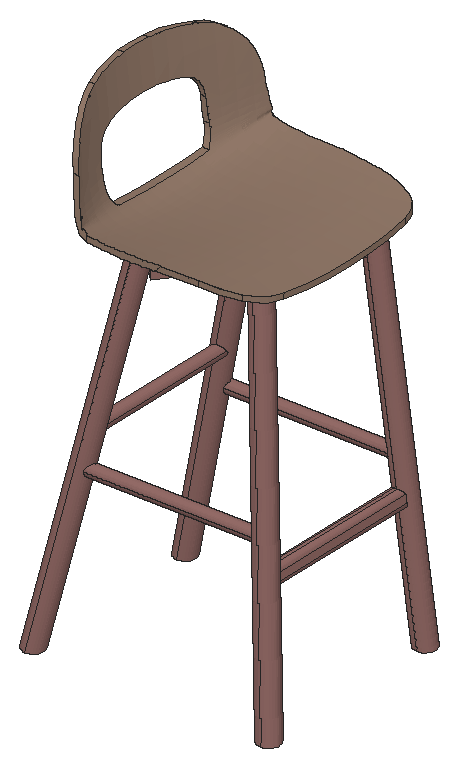
Revit family "Furniture_Chair_RIBBON 3.1 WCO", category Furniture, Revit 2020
Family settings
  OmniClass Number = 23.21.23.15.17
  Work Plane-Based = Yes
  Always vertical = No
  Cut with Voids When Loaded = No
  Shared = No
  Room Calculation Point = No
Parameters (values of type "RIBBON 3.1 WCO")
  Youtube clip = ""
  Uniformat II Description = "Movable Furnishings"
  Uniformat II Code = ""
  Uniclass 2015 Name = ""
  Uniclass 2015 Code = ""
  Uniclass 2.0 Description = ""
  Uniclass 2.0 Code = ""
  Uniclass 1.4 Description = ""
  Uniclass 1.4 Code = ""
  UNSPSC Code = ""
  Technical description = ""
  Shell Material = Wood - Stain - Intense Walnut
  Frame Material = Wood - Stain - Light Mahogany
  Region South America = "All"
  Region Oceania = "All"
  Region North America = "All"
  Region Middle East = "All"
  Region Europe = "All"
  Region Asia = "All"
  Region Antarctica = "All"
  Region Africa = "All"
  QR code = "https://www.sandlerseating.com/product/ribbon-3-1-wco/"
  Product url = "https://www.sandlerseating.com/product/ribbon-3-1-wco/"
  Product name = "RIBBON 3.1 WCO"
  Product group = "Chair"
  Product family = "Furniture"
  Product data url = "https://www.sandlerseating.com/product/ribbon-3-1-wco/"
  Product certification = ""
  Product SKU = "??"
  Product Guid = "??"
  OmniClass Description = ""
  OmniClass Code = "23-21 23 15 17"
  NBS Reference Description = ""
  NBS Reference Code = ""
  Model = "RIBBON 3.1 WCO"
  Masterformat 2014 Description = "Chair Mats"
  Masterformat 2014 Code = "12 48 43.13"
  Manufacturer name = "Sandler"
  Manufacturer country = "USA"
  Manufacturer = "Sandler"
  Installation instructions = ""
  IFC Classification = "Furnishing Element"
  GTIN code = ""
  Edition number = 1
  Design country = "Brasil"
  Description = "Chair"
  Default Elevation = 0.000 mm
  Date of publishing = ""
  COBIe Type Category = ""
  Brand url = "https://www.sandlerseating.com/"
  BIMobject main category code = "furniture"
  BIMobject main category = "Furniture"
  BIMobject category code = "furniture-chair"
  BIMobject category = "Chair"
Reference planes
  plane 1 "Center Front/Back": y = 0
  plane 2: z = 0
  plane 3 "Center Left/Right": x = 0
Dimensions and locks
  aligned and locked: level to plane 2
Nested families
  nested 1: "BS04 - RIBBON" at (0, 0, 0) x (0, 1, 0) z (0, 0, 1), Frame Material <- "Frame Material", type "BS04 - RIBBON"
    with Seat Material none, Frame Material Wood - Stain - Light Mahogany
  nested 2: "TP03 - RIBBON" at (0, 0, 0) x (0, 1, 0) z (0, 0, 1), Seat Material <- "Shell Material", Shell Material <- "Shell Material", type "TP03 - RIBBON"
    with Shell Material Wood - Stain - Intense Walnut, Seat Material Wood - Stain - Intense Walnut, Frame Material none
Definition of nested family "BS04 - RIBBON"
  Parameters (values of type "BS04 - RIBBON")
    Width = 450.000 mm
    Seat Material [instance] = none
    Height = 770.000 mm
    Frame Material [instance] = none
    Depth = 560.000 mm
    Default Elevation = 0.000 mm
  Reference planes
    plane 1 "Center (Front/Back)": y = 0
    plane 2: z = 0
    plane 3 "Center (Left/Right)": x = 0
    plane 4: z = 0
  Forms (mm)
    Extrusion 1, solid, material <- "Frame Material"
      sketch origin (0, 0, 238.7) x (-1, 0, 0) y (0, -1, 0)
        loop
          line (131.85, 111.928) -> (115.59, 131.305) -> (0, 34.313) -> (-116.725, 130.073) -> (-131.652, 112.283) -> (-19.671, 18.321) -> (-135.473, -78.849) -> (-119.19, -95.132) -> (0, 1.386) -> (117.646, -95.349) -> (135.822, -77.173) -> (19.993, 18.068) -> (131.85, 111.928)
      from 429.094 to 489.013
    Blend 2, solid, material <- "Frame Material"
      base sketch origin (0, 0, 238.7) x (-1, 0, 0) y (0, -1, 0)
        loop
          circle (130.582, 126.956) r 20
      top sketch origin (0, 0, 238.7) x (-1, 0, 0) y (0, -1, 0)
        loop
          circle (184.236, 184.943) r 20
      from 495.43 to -238.7
    Blend 3, solid, material <- "Frame Material"
      base sketch origin (0, 0, 238.7) x (-1, 0, 0) y (0, -1, 0)
        loop
          circle (132.255, -92.247) r 20
      top sketch origin (0, 0, 238.7) x (-1, 0, 0) y (0, -1, 0)
        loop
          circle (179.066, -263.174) r 20
      from 495.43 to -238.7
    Blend 4, solid, material <- "Frame Material"
      base sketch origin (0, 0, 238.7) x (1, 0, 0) y (0, 1, 0)
        loop
          circle (130.582, -126.956) r 20
      top sketch origin (0, 0, 238.7) x (1, 0, 0) y (0, 1, 0)
        loop
          circle (184.236, -184.943) r 20
      from 495.43 to -238.7
    Blend 5, solid, material <- "Frame Material"
      base sketch origin (0, 0, 238.7) x (1, 0, 0) y (0, 1, 0)
        loop
          circle (132.255, 92.247) r 20
      top sketch origin (0, 0, 238.7) x (1, 0, 0) y (0, 1, 0)
        loop
          circle (179.066, 263.174) r 20
      from 495.43 to -238.7
    Extrusion 6, solid, material <- "Frame Material"
      sketch origin (0, 0, 0) x (1, 0, 0) y (0, 0, 1)
        loop
          circle (-161.806, 325.764) r 12
        loop
          circle (161.806, 325.764) r 12
      from -175.18 to 143.72
    Extrusion 7, solid, material <- "Frame Material"
      sketch origin (0, 0, 0) x (0, 1, 0) y (0, 0, 1)
        loop
          circle (166.95, 396.374) r 12
      from -148.249 to 143.98
    Extrusion 8, solid, material <- "Frame Material"
      sketch origin (0, 0, 0) x (0, 1, 0) y (0, 0, 1)
        loop
          arc (-149.892, 266.238) -> (-151.825, 272.37) -> (-157.528, 275.338) r 8.4
          line (-157.528, 275.338) -> (-165.297, 276.018)
          arc (-165.297, 276.018) -> (-172.596, 273.716) -> (-176.13, 266.928) r 10
          line (-176.13, 266.928) -> (-177.383, 252.607)
          arc (-177.383, 252.607) -> (-175.345, 246.143) -> (-169.334, 243.014) r 8.855
          line (-169.334, 243.014) -> (-162.018, 242.374)
          arc (-162.018, 242.374) -> (-154.718, 244.675) -> (-151.184, 251.464) r 10
          line (-151.184, 251.464) -> (-149.892, 266.238)
      from -152.617 to 153.238
  Dimensions and locks
    aligned and locked: level to plane 2
Definition of nested family "TP03 - RIBBON"
  Parameters (values of type "TP03 - RIBBON")
    Width = 450.000 mm
    Shell Material [instance] = none
    Seat Material [instance] = none
    Height = 770.000 mm
    Frame Material [instance] = none
    Depth = 560.000 mm
    Default Elevation = 0.000 mm
  Reference planes
    plane 1 "Center (Front/Back)": y = 0
    plane 2: z = 0
    plane 3 "Center (Left/Right)": x = 0
    plane 4: y = 280
    plane 5: y = -280
    plane 6: x = 225
    plane 7: x = -225
    plane 8: z = 770
    plane 9: z = 500
    plane 10: z = 0
    plane 11: x = 195
    plane 12: x = -195
  Forms (mm)
    SweptBlend 1, solid, material <- "Shell Material"
      path origin (0, 0, 338.75) x (0, 1, 0) y (0, 0, 1)
        loop
          spline (236.993, 770) -> (215.446, 619.786) -> (203.96, 521.866) -> (196.056, 461.013) -> (185.765, 422.995) -> (170.436, 400.026) -> (148.517, 387.169) -> (116.673, 381.645) -> (71.41, 381.644) -> (17.125, 384.689) -> (-37.49, 387.866) -> (-99.973, 388.064) -> (-194.089, 381.979)
      profile origin (0, 236.993, 1108.75) x (0, 0.987688, -0.156434) y (1, 0, 0)
        loop
          arc (-54.452, -225) -> (5.039, 1.061) -> (-61.996, 225) r 431.806
          line (-61.996, 225) -> (-73.893, 225)
          arc (-73.893, 225) -> (-4.963, 1.126) -> (-66.1, -225) r 421.806
          line (-66.1, -225) -> (-54.452, -225)
      end profile origin (0, -194.089, 720.729) x (0, 0.087156, -0.996195) y (1, 0, 0)
        loop
          arc (-15.62, -225) -> (-4.868, -5) -> (-15.62, 215) r 2256.083
          line (-15.62, 215) -> (-25.572, 214.025)
          arc (-25.572, 214.025) -> (-14.868, -5) -> (-25.572, -224.025) r 2246.083
          line (-25.572, -224.025) -> (-15.62, -225)
    Extrusion 2, void
      sketch origin (-5, 0, 346.25) x (1, 0, 0) y (0, 0, 1)
        loop
          arc (-84.779, 527.741) -> (-110.902, 512.187) -> (-121.172, 483.571) r 45
          line (-121.172, 483.571) -> (-121.172, 441.557)
          arc (-121.172, 441.557) -> (-116.72, 422.68) -> (-105.633, 406.767) r 51.762
          arc (-105.633, 406.767) -> (1.867, 398.259) -> (109.367, 406.767) r 683.394
          arc (109.367, 406.767) -> (120.466, 422.677) -> (124.922, 441.557) r 51.719
          line (124.922, 441.557) -> (124.922, 483.722)
          arc (124.922, 483.722) -> (114.624, 512.371) -> (88.444, 527.908) r 45
          arc (88.444, 527.908) -> (1.824, 536.142) -> (-84.779, 527.741) r 455.076
      from -242.315 to -152.272
    Extrusion 3, void
      sketch origin (-5, 0, 338.75) x (1, 0, 0) y (0, 0, 1)
        loop
          line (-220.722, 407.454) -> (-207.76, 513.027)
          arc (-207.76, 513.027) -> (-177.799, 577.36) -> (-115.779, 611.857) r 115
          arc (-115.779, 611.857) -> (-72.704, 618.765) -> (-29.251, 622.652) r 625.068
          line (-29.251, 622.652) -> (30.439, 622.652)
          arc (30.439, 622.652) -> (77.898, 618.561) -> (124.908, 610.867) r 625.068
          arc (124.908, 610.867) -> (186.455, 576.245) -> (216.166, 512.182) r 115
          line (216.166, 512.182) -> (229.025, 407.454) -> (255.9, 407.454) -> (255.9, 797.454) -> (-274.025, 797.454) -> (-274.025, 407.454) -> (-220.722, 407.454)
      from -249.753 to -125.437
    Extrusion 4, void
      sketch origin (-5, 0, 577.45) x (-1, 0, 0) y (0, -1, 0)
        loop
          line (221.377, -19.587) -> (236.377, -19.587) -> (236.377, 210.413) -> (-243.252, 210.413) -> (-243.252, -19.587) -> (-223.252, -19.587)
          arc (-223.252, -19.587) -> (-219.795, 30.1) -> (-215.386, 79.712) r 2595.964
          arc (-215.386, 79.712) -> (-209.021, 113.709) -> (-196.875, 146.094) r 199.356
          arc (-196.875, 146.094) -> (-175.337, 171.52) -> (-144.077, 183.063) r 65.516
          arc (-144.077, 183.063) -> (-0.937, 192.462) -> (142.202, 183.063) r 1094.67
          arc (142.202, 183.063) -> (173.462, 171.52) -> (195, 146.094) r 65.516
          arc (195, 146.094) -> (207.146, 113.709) -> (213.511, 79.712) r 199.356
          arc (213.511, 79.712) -> (217.92, 30.1) -> (221.377, -19.587) r 2595.964
      from 119.126 to 201.3
  Cuts and joins
    Extrusion 2, Extrusion 3, Extrusion 4 cuts SweptBlend 1
  Dimensions and locks
    equal spacing: plane 7, plane 3 "Center (Left/Right)", plane 6
    "Width": plane 7 to plane 6
    equal spacing: plane 5, plane 1 "Center (Front/Back)", plane 4
    "Depth": plane 5 to plane 4
    "Height": plane 8 to level
    locked: plane 11 to plane 6 at 30
    locked: plane 7 to plane 12 at 30
    aligned and locked: level to plane 2
  Automatic sketch dimensions
    SweptBlend 1 sketch curve to SweptBlend 1 sketch curve = 0.000 mm  (x4)
    SweptBlend 1 sketch curve to plane 3 "Center (Left/Right)" = 6.177 mm
    profile plane to SweptBlend 1 sketch curve = 73.893 mm
    SweptBlend 1 sketch curve to SweptBlend 1 sketch curve = 11.897 mm
    plane 3 "Center (Left/Right)" to SweptBlend 1 sketch curve = 225.000 mm
    profile plane to SweptBlend 1 sketch curve = 66.100 mm
    SweptBlend 1 sketch curve to SweptBlend 1 sketch curve = 11.648 mm
    SweptBlend 1 sketch curve to plane 3 "Center (Left/Right)" = 5.000 mm
    profile plane to SweptBlend 1 sketch curve = 2260.951 mm
    profile plane to SweptBlend 1 sketch curve = 25.572 mm  (x2)
    SweptBlend 1 sketch curve to SweptBlend 1 sketch curve = 9.952 mm  (x2)
    plane 3 "Center (Left/Right)" to SweptBlend 1 sketch curve = 214.025 mm
    SweptBlend 1 sketch curve to SweptBlend 1 sketch curve = 0.975 mm
    plane 8 to SweptBlend 1 sketch curve = 338.750 mm
    SweptBlend 1 sketch curve to plane 5 = 85.911 mm
    plane 4 to SweptBlend 1 sketch curve = 43.007 mm
    plane 9 to SweptBlend 1 sketch curve = 220.729 mm
    Extrusion 4 sketch curve to plane 12 = 5.000 mm  (x2)
    plane 12 to Extrusion 4 sketch curve = 54.116 mm
    Extrusion 4 sketch curve to plane 3 "Center (Left/Right)" = 20.116 mm
    Extrusion 4 sketch curve to plane 3 "Center (Left/Right)" = 4.063 mm
    plane 3 "Center (Left/Right)" to Extrusion 4 sketch curve = 11.991 mm
    Extrusion 4 sketch curve to plane 11 = 62.241 mm
    Extrusion 4 sketch curve to plane 6 = 6.748 mm
    plane 6 to Extrusion 4 sketch curve = 13.252 mm
    plane 4 to Extrusion 4 sketch curve = 105.109 mm  (x2)
    Extrusion 4 sketch curve to Extrusion 4 sketch curve = 2126.686 mm
    Extrusion 4 sketch curve to plane 7 = 1.377 mm
    Extrusion 4 sketch curve to plane 7 = 16.377 mm
    Extrusion 4 sketch curve to Extrusion 4 sketch curve = 2131.686 mm
    Extrusion 4 sketch curve to plane 4 = 622.208 mm
    Extrusion 4 sketch curve to plane 1 "Center (Front/Back)" = 19.587 mm  (x2)
    plane 1 "Center (Front/Back)" to Extrusion 4 sketch curve = 60.160 mm
    Extrusion 4 sketch curve to Extrusion 4 sketch curve = 0.000 mm  (x2)
    Extrusion 4 sketch curve to Extrusion 4 sketch curve = 38.141 mm  (x2)
    plane 12 to Extrusion 4 sketch curve = 47.798 mm
    Extrusion 4 sketch curve to plane 11 = 55.923 mm
    Extrusion 4 sketch curve to plane 5 = 69.587 mm
    plane 12 to Extrusion 2 sketch curve = 68.828 mm
    Extrusion 2 sketch curve to Extrusion 2 sketch curve = 45.000 mm  (x2)
    plane 8 to Extrusion 2 sketch curve = 20.039 mm
    Extrusion 2 sketch curve to Extrusion 2 sketch curve = 6.714 mm
    Extrusion 2 sketch curve to plane 3 "Center (Left/Right)" = 3.133 mm
    Extrusion 2 sketch curve to plane 3 "Center (Left/Right)" = 2.737 mm
    plane 8 to Extrusion 2 sketch curve = 20.037 mm
    plane 3 "Center (Left/Right)" to Extrusion 2 sketch curve = 68.251 mm
    Extrusion 2 sketch curve to Extrusion 2 sketch curve = 6.671 mm
    plane 8 to Extrusion 2 sketch curve = 17.807 mm  (x2)
    Extrusion 2 sketch curve to plane 9 = 72.684 mm
    Extrusion 2 sketch curve to Extrusion 2 sketch curve = 42.015 mm
    Extrusion 2 sketch curve to Extrusion 2 sketch curve = 39.935 mm
    Extrusion 2 sketch curve to Extrusion 2 sketch curve = 553.745 mm
    Extrusion 2 sketch curve to plane 8 = 16.983 mm
    Extrusion 2 sketch curve to Extrusion 2 sketch curve = 0.000 mm
    Extrusion 3 sketch curve to plane 8 = 23.796 mm  (x2)
    Extrusion 3 sketch curve to plane 7 = 54.025 mm
    Extrusion 3 sketch curve to plane 7 = 0.722 mm
    plane 7 to Extrusion 3 sketch curve = 12.240 mm
    Extrusion 3 sketch curve to plane 3 "Center (Left/Right)" = 98.617 mm
    Extrusion 3 sketch curve to plane 3 "Center (Left/Right)" = 34.251 mm
    Extrusion 3 sketch curve to plane 3 "Center (Left/Right)" = 4.481 mm
    Extrusion 3 sketch curve to plane 3 "Center (Left/Right)" = 0.317 mm
    plane 3 "Center (Left/Right)" to Extrusion 3 sketch curve = 25.439 mm
    plane 3 "Center (Left/Right)" to Extrusion 3 sketch curve = 97.023 mm
    Extrusion 3 sketch curve to plane 6 = 13.834 mm
    Extrusion 3 sketch curve to plane 6 = 0.975 mm
    plane 6 to Extrusion 3 sketch curve = 25.900 mm
    Extrusion 3 sketch curve to plane 9 = 162.949 mm
    Extrusion 3 sketch curve to Extrusion 3 sketch curve = 0.205 mm
    plane 8 to Extrusion 3 sketch curve = 66.917 mm
    plane 8 to Extrusion 3 sketch curve = 67.762 mm
    plane 8 to Extrusion 3 sketch curve = 80.932 mm
    plane 8 to Extrusion 3 sketch curve = 81.777 mm
    Extrusion 3 sketch curve to Extrusion 3 sketch curve = 11.785 mm
    Extrusion 3 sketch curve to Extrusion 3 sketch curve = 186.586 mm
